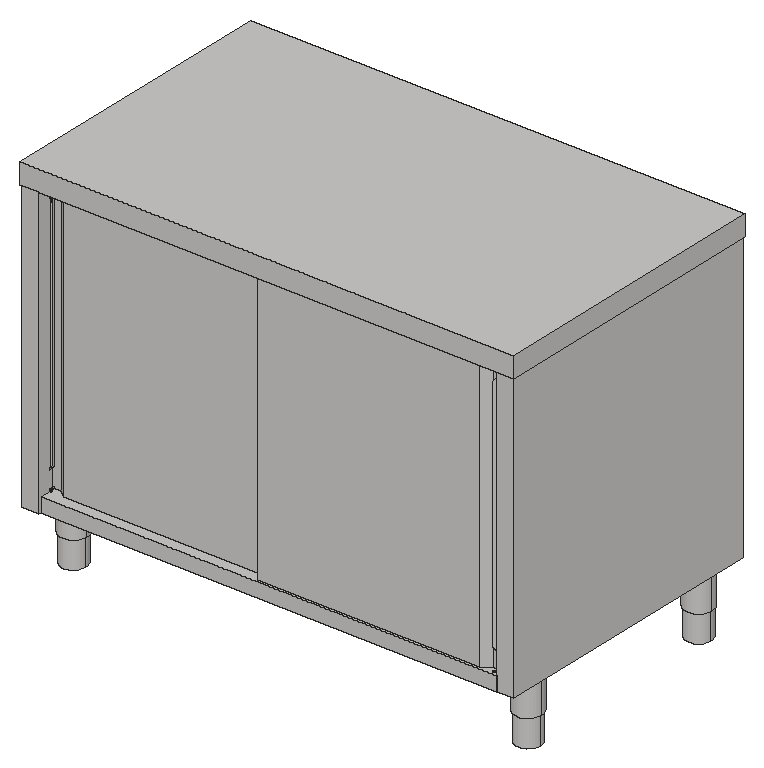
Revit family "QF_ZANUSSI_132868_MSP1207N", category Attrezzature speciali, Revit 2020
Family settings
  Quota connettore circolare = Usa diametro
  Tipo di parte = Normale
  Basato su piano di lavoro = No
  Sempre verticale = Sì
  Taglio con vuoti quando caricato = No
  Condiviso = No
  Punto di calcolo locali = No
Parameters (values of type "Standard")
  Weight = 55.00 kg
  Watts = 0 W
  Volts = 0 V
  URL Manufacturer = "http://www.zanussiprofessional.com"
  URL = "http://www.zanussiprofessional.com"
  Steam Supply Size = 0 mm
  Steam Supply Minimum Pressure = 0.0 Pa
  Steam Supply Maximum Pressure = 0.0 Pa
  Steam Consumption per Hour = 0
  Refrigeration Suction Line Size = 0.0 mm
  Refrigeration Liquid Line Size = 0.0 mm
  Refrigerant Compressor Remote = yes
  Prospetto di default = 0.0 mm
  Phase = 0
  Modello = "MSP1207N"
  Produttore = "Zanussi"
  Length Actual = 1200.0 mm  # constant formula
  Item Number = "132868"
  Hot Water Size = 0 mm
  Height Actual = 900.0 mm  # constant formula
  HP = "0 HP"
  Gas Size = 0 mm
  Gas KW = 0
  Gas Input Pressure = 0 W
  Direct Waste Size = 0 mm
  Descrizione = "WORKTOP CUPBOARD PASSTHROUGH 1200MM"
  Depth Actual = 700.0 mm  # constant formula
  Cycle = 0 Hz
  Condensate Return Size = 0 mm
  Compressed Air Volume = 0.0 L/s
  Compressed Air Size = 0 mm
  Compressed Air Pressure = 0.0 Pa
  Cold Water Size = 0 mm
  Accessory = yes
Reference planes
  plane 1 "Center (Front/Back)": y = 0
  plane 2: z = 0
  plane 3 "Center (Left/Right)": x = -300
  plane 4 "LEFT": x = -900
  plane 5 "RIGHT": x = 300
  plane 6 "BACK": y = 350
  plane 7 "FRONT": y = -350
  plane 8 "TOP": z = 900
  plane 9: x = -852
  plane 10: x = 252
  plane 11: y = 270
  plane 12: y = -247
  plane 13 "FEET": z = 150
  plane 14: x = -854.5
  plane 15: y = -344.5
  plane 16: x = 254.5
  plane 17: x = -326.5
  plane 18: x = -273.5
  plane 19 "BaseTop": z = 850
  plane 20: x = -894.5
  plane 21: x = 294.5
  plane 22: y = 344.5
Forms (mm)
  Extrusion 1, solid, material "QF_Finishes_Stainless Steel"
    sketch origin (0, 0, 150) x (-1, 0, 0) y (0, -1, 0)
      loop
        line (894.5, -350) -> (894.5, 350) -> (854.5, 350) -> (854.5, -350) -> (894.5, -350)
      loop
        line (-254.5, -350) -> (-254.5, 344.5) -> (-294.5, 344.5) -> (-294.5, -350) -> (-254.5, -350)
    from 0 to 700
  Extrusion 2, solid, material "QF_Finishes_Stainless Steel"
    sketch origin (0, 0, 150) x (-1, 0, 0) y (0, -1, 0)
      loop
        line (854.5, -347) -> (854.5, 344.5) -> (-254.5, 344.5) -> (-254.5, -347) -> (854.5, -347)
    from 0 to 35
  Extrusion 3, solid, material "QF_Finishes_Stainless Steel"
    sketch origin (33, 0, 150) x (-1, 0, 0) y (0, -1, 0)
      loop
        line (306.5, 324.5) -> (306.5, 304.5) -> (885, 304.5) -> (885, 319.071) -> (877.942, 326.129) -> (876.312, 324.5) -> (883, 317.812) -> (883, 309.5) -> (866.034, 309.5) -> (846.034, 324.5) -> (306.5, 324.5)
    from 700 to 40
  Extrusion 4, void
    sketch origin (0, -350, 0) x (-1, 0, 0) y (0, 0, 1)
      loop
        line (842.418, 247.973) -> (842.418, 191.4) -> (854.5, 191.4) -> (854.5, 229.369) -> (842.418, 247.973)
      loop
        line (842.418, 816.627) -> (854.5, 835.231) -> (854.5, 850) -> (842.418, 850) -> (842.418, 816.627)
    from 20.5 to 40.5
  Extrusion 5, solid, material "QF_Finishes_Stainless Steel"
    sketch origin (0, 0, 150) x (-1, 0, 0) y (0, -1, 0)
      loop
        line (-254.5, -350) -> (854.5, -350) -> (854.5, -327) -> (-254.5, -327) -> (-254.5, -350)
    from 700 to 35
  Extrusion 6, solid, material "QF_Finishes_Stainless Steel"
    sketch origin (0, 0, 850) x (-1, 0, 0) y (0, -1, 0)
      loop
        line (900, 350) -> (-300, 350) -> (-300, -350) -> (900, -350) -> (900, 350)
    from 0 to 50
  Extrusion 7, solid, material "QF_Finishes_Stainless Steel"
    sketch origin (-633, 0, 150) x (1, 0, 0) y (0, 1, 0)
      loop
        line (306.5, -344.5) -> (846.034, -344.5) -> (866.034, -329.5) -> (883, -329.5) -> (883, -337.812) -> (876.312, -344.5) -> (877.942, -346.129) -> (885, -339.071) -> (885, -324.5) -> (306.5, -324.5) -> (306.5, -344.5)
    from 700 to 40
  Extrusion 8, void
    sketch origin (-600, -350, 0) x (1, 0, 0) y (0, 0, -1)
      loop
        line (842.418, -247.973) -> (854.5, -229.369) -> (854.5, -191.4) -> (842.418, -191.4) -> (842.418, -247.973)
      loop
        line (842.418, -816.627) -> (842.418, -850) -> (854.5, -850) -> (854.5, -835.231) -> (842.418, -816.627)
    from 2.538 to 20.5
Cuts and joins
  Extrusion 4, Extrusion 8 cuts Extrusion 3
  Extrusion 8 cuts Extrusion 1
  Extrusion 8 cuts Extrusion 7
Lines and regions (mm)
  symbolic lines, style "SpecialityEquipmentHiddenLines"
    curve 1: line (-851.5, -324.5, 1600) -> (-851.5, -329.5, 1600)
    curve 6: line (-326.5, -324.5, 200) -> (-326.5, -344.5, 200)
    curve 7: line (-852, -304.5, 850) -> (-273.5, -304.5, 850)
    curve 8: line (-273.5, -304.5, 850) -> (-273.5, -324.5, 850)
    curve 9: line (-273.5, -324.5, 850) -> (-813.034, -324.5, 850)
    curve 10: line (-813.034, -324.5, 850) -> (-833.034, -309.5, 850)
    curve 11: line (-833.034, -309.5, 850) -> (-852, -309.5, 850)
    curve 12: line (-852, -309.5, 850) -> (-852, -304.5, 850)
    curve 13: line (-326.5, -344.5, 850) -> (213.034, -344.5, 850)
    curve 14: line (213.034, -344.5, 850) -> (233.034, -329.5, 850)
    curve 15: line (233.034, -329.5, 850) -> (252, -329.5, 850)
    curve 16: line (252, -329.5, 850) -> (252, -324.5, 850)
    curve 17: line (252, -324.5, 850) -> (-273.5, -324.5, 850)
  symbolic lines, style "SpecialityEquipment"
    curve 2: line (-900, 350, 850) -> (300, 350, 850)
    curve 3: line (-900, -350, 850) -> (-900, 350, 850)
    curve 4: line (300, -350, 850) -> (-900, -350, 850)
    curve 5: line (300, 350, 850) -> (300, -350, 850)
Dimensions and locks
  plane 4 "LEFT" to plane 5 "RIGHT" = 1200.0 mm
  equal spacing: plane 4 "LEFT", plane 3 "Center (Left/Right)", plane 5 "RIGHT"
  plane 6 "BACK" to plane 7 "FRONT" = 700.0 mm
  equal spacing: plane 6 "BACK", plane 1 "Center (Front/Back)", plane 7 "FRONT"
  locked: plane 13 "FEET" to level at 150
  locked: plane 4 "LEFT" to plane 9 at 48
  locked: plane 10 to plane 5 "RIGHT" at 48
  locked: plane 6 "BACK" to plane 11 at 80
  locked: plane 12 to plane 7 "FRONT" at 103
  locked: plane 8 "TOP" to level at 900
  locked: plane 17 to plane 18 at 53
  equal spacing: plane 17, plane 3 "Center (Left/Right)", plane 18
  locked: plane 8 "TOP" to plane 19 "BaseTop" at 50
  plane 4 "LEFT" to plane 20 = 5.5 mm
  locked: plane 20 to plane 14 at 40
  locked: plane 16 to plane 21 at 40
  locked: plane 21 to plane 5 "RIGHT" at 5.5
  plane 15 to plane 7 "FRONT" = 5.5 mm  (x2)
  plane 6 "BACK" to plane 22 = 5.5 mm
  aligned and locked: level to plane 2
  aligned and locked: plane 9 to nested 1
  aligned and locked: plane 10 to nested 2
  aligned and locked: nested 4 to plane 11
  aligned and locked: plane 9 to nested 3
  aligned and locked: nested 3 to plane 11
  aligned and locked: plane 6 "BACK" to Extrusion 1 sketch curve
  aligned and locked: Extrusion 1 sketch curve to plane 6 "BACK"
  aligned and locked: Extrusion 1 sketch curve to plane 7 "FRONT"
  aligned and locked: plane 14 to Extrusion 1
  aligned and locked: Extrusion 2 to plane 14
  aligned and locked: Extrusion 2 to plane 15
  aligned and locked: nested 1 to plane 12
  aligned and locked: nested 2 to plane 12
  aligned and locked: Extrusion 2 sketch curve to plane 16
  aligned and locked: plane 18 to Extrusion 3
  aligned and locked: nested 4 to nested 2
  aligned and locked: plane 16 to Extrusion 5
  aligned and locked: Extrusion 5 to plane 14
  aligned and locked: plane 19 "BaseTop" to Extrusion 3
  aligned and locked: plane 19 "BaseTop" to Extrusion 5
  aligned and locked: plane 19 "BaseTop" to cut or joined group of Extrusion 1, Extrusion 8
  aligned and locked: plane 19 "BaseTop" to cut or joined group of Extrusion 7, Extrusion 8
Automatic sketch dimensions
  Extrusion 1 sketch curve to plane 15 = 0.0 mm
  Extrusion 1 sketch curve to plane 21 = 0.0 mm
  Extrusion 1 sketch curve to plane 16 = 0.0 mm
  Extrusion 1 sketch curve to plane 14 = 0.0 mm
  Extrusion 1 sketch curve to plane 20 = 0.0 mm
  Extrusion 2 sketch curve to plane 14 = 0.0 mm
  Extrusion 2 sketch curve to plane 15 = 0.0 mm
  plane 22 to Extrusion 2 sketch curve = 2.5 mm
  Extrusion 3 sketch curve to plane 18 = 0.0 mm
  plane 15 to Extrusion 3 sketch curve = 20.0 mm  (x2)
  Extrusion 3 sketch curve to plane 9 = 0.0 mm
  plane 9 to Extrusion 3 sketch curve = 38.966 mm
  plane 9 to Extrusion 3 sketch curve = 18.966 mm
  plane 9 to Extrusion 3 sketch curve = 8.688 mm
  plane 15 to Extrusion 3 sketch curve = 18.371 mm
  Extrusion 3 sketch curve to Extrusion 3 sketch curve = 1.629 mm
  plane 9 to Extrusion 3 sketch curve = 2.0 mm
  plane 15 to Extrusion 3 sketch curve = 35.0 mm
  Extrusion 3 sketch curve to Extrusion 3 sketch curve = 5.0 mm
  plane 9 to curve 1 = 0.5 mm
  plane 15 to curve 1 = 15.0 mm
  curve 1 to curve 1 = 5.0 mm
  curve 6 to plane 15 = 0.0 mm
  curve 6 to plane 17 = 0.0 mm
  plane 15 to curve 6 = 20.0 mm
  Extrusion 5 sketch curve to plane 6 "BACK" = 0.0 mm
  Extrusion 5 sketch curve to plane 16 = 0.0 mm
  Extrusion 5 sketch curve to plane 14 = 0.0 mm
  plane 22 to Extrusion 5 sketch curve = 17.5 mm
  Extrusion 6 sketch curve to plane 5 "RIGHT" = 0.0 mm
  Extrusion 6 sketch curve to plane 4 "LEFT" = 0.0 mm
  Extrusion 6 sketch curve to plane 6 "BACK" = 0.0 mm
  Extrusion 6 sketch curve to plane 7 "FRONT" = 0.0 mm
  Extrusion 7 sketch curve to plane 17 = 0.0 mm
  Extrusion 7 sketch curve to plane 15 = 0.0 mm  (x2)
  Extrusion 7 sketch curve to plane 10 = 0.0 mm
  plane 10 to Extrusion 7 sketch curve = 38.966 mm
  plane 10 to Extrusion 7 sketch curve = 18.966 mm
  plane 10 to Extrusion 7 sketch curve = 8.688 mm
  plane 15 to Extrusion 7 sketch curve = 1.629 mm
  Extrusion 7 sketch curve to Extrusion 7 sketch curve = 1.629 mm
  plane 10 to Extrusion 7 sketch curve = 2.0 mm
  Extrusion 7 sketch curve to plane 15 = 15.0 mm
  Extrusion 7 sketch curve to Extrusion 7 sketch curve = 5.0 mm
  Extrusion 4 sketch curve to plane 19 "BaseTop" = 0.0 mm
  Extrusion 4 sketch curve to plane 14 = 0.0 mm  (x2)
  plane 9 to Extrusion 4 sketch curve = 9.582 mm  (x2)
  Extrusion 4 sketch curve to plane 19 "BaseTop" = 14.769 mm
  plane 13 "FEET" to Extrusion 4 sketch curve = 97.973 mm
  Extrusion 4 sketch curve to Extrusion 4 sketch curve = 18.604 mm  (x2)
  Extrusion 4 sketch curve to Extrusion 4 sketch curve = 37.969 mm
  Extrusion 8 sketch curve to plane 19 "BaseTop" = 0.0 mm
  plane 16 to Extrusion 8 sketch curve = 0.0 mm
  plane 10 to Extrusion 8 sketch curve = 9.582 mm  (x2)
  Extrusion 8 sketch curve to Extrusion 8 sketch curve = 18.604 mm  (x2)
  Extrusion 8 sketch curve to Extrusion 8 sketch curve = 37.969 mm
  Extrusion 8 sketch curve to plane 16 = 0.0 mm
  plane 19 "BaseTop" to Extrusion 8 sketch curve = 14.769 mm
  Extrusion 8 sketch curve to plane 13 "FEET" = 97.973 mm
  curve 16 to plane 10 = 0.0 mm
  curve 13 to plane 15 = 0.0 mm
  curve 9 to plane 18 = 0.0 mm
  curve 13 to plane 17 = 0.0 mm
  curve 11 to plane 9 = 0.0 mm
  curve 4 to plane 4 "LEFT" = 0.0 mm
  curve 2 to plane 6 "BACK" = 0.0 mm
  curve 5 to plane 7 "FRONT" = 0.0 mm
  curve 15 to plane 10 = 18.966 mm
  curve 14 to curve 13 = 20.0 mm
  plane 9 to curve 9 = 38.966 mm
  curve 11 to curve 11 = 18.966 mm
  curve 7 to curve 11 = 5.0 mm
  curve 7 to curve 9 = 20.0 mm
  plane 15 to curve 16 = 15.0 mm
  curve 16 to curve 15 = 5.0 mm
  curve 2 to plane 5 "RIGHT" = 0.0 mm
Nested families
  nested 1: "FEET_D60-150" at (-852, -247, 0), type "FEET_D60-150"
  nested 2: "FEET_D60-150" at (252, -247, 0), type "FEET_D60-150"
  nested 3: "FEET_D60-150" at (-852, 270, 0), type "FEET_D60-150"
  nested 4: "FEET_D60-150" at (252, 270, 0), type "FEET_D60-150"
Definition of nested family "FEET_D60-150"
  Parameters
    Default Elevation = 0.0 mm
    FEET = 150.0 mm
  Reference planes
    plane 1 "Center (Front/Back)": y = 0
    plane 2: z = 0
    plane 3 "Center (Left/Right)": x = 0
    plane 4: z = 150
  Forms (mm)
    Extrusion 1, solid
      sketch origin (0, 0, 0) x (1, 0, 0) y (0, 1, 0)
        loop
          circle (0, 0) r 28
      from 0 to 67
    Revolve 2, solid
      sketch origin (0, 0, 0) x (1, 0, 0) y (0, 0, 1)
        loop
          line (0, 0) -> (0, 150) -> (-32.939, 150) -> (-32.939, 67) -> (-30, 67) -> (-30, 0) -> (0, 0)
        axis (0, 150) -> (0, 0)
      angle from 0 to 360
  Lines and regions (mm)
    symbolic lines
      curve 1: line (0, -1.503, 0) -> (0, 1.508, 0)
      curve 2: line (1.561, 0, 0) -> (-1.439, 0, 0)
  Dimensions and locks
    "FEET": plane 4 to plane 2
    aligned and locked: level to plane 2
  Automatic sketch dimensions
    plane 1 "Center (Front/Back)" to Extrusion 1 sketch curve = 0.0 mm
    Extrusion 1 sketch curve to plane 3 "Center (Left/Right)" = 0.0 mm
    plane 1 "Center (Front/Back)" to curve 2 = 0.0 mm
    curve 1 to plane 3 "Center (Left/Right)" = 0.0 mm
    curve 2 to plane 3 "Center (Left/Right)" = 1.439 mm
    plane 3 "Center (Left/Right)" to curve 2 = 1.561 mm
    plane 1 "Center (Front/Back)" to curve 1 = 1.503 mm
    curve 1 to plane 1 "Center (Front/Back)" = 1.508 mm
    Revolve 2 sketch curve to plane 4 = 0.0 mm
    Revolve 2 sketch curve to level = 0.0 mm
    Revolve 2 sketch curve to plane 3 "Center (Left/Right)" = 0.0 mm  (x2)
    Revolve 2 sketch curve to plane 3 "Center (Left/Right)" = 30.0 mm
    Revolve 2 sketch curve to plane 3 "Center (Left/Right)" = 32.939 mm
    level to Revolve 2 sketch curve = 67.0 mm
    Revolve 2 sketch curve to level = 42.207 mm
    Revolve 2 sketch curve to Revolve 2 sketch curve = 10.0 mm
    radius of Extrusion 1 sketch curve = 28.0 mm
